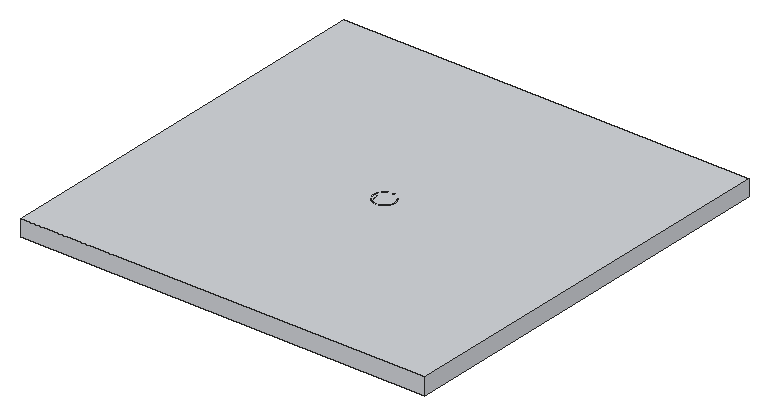
Revit family
Parameters (values of type "2"")
  WFU = 0
  URL = "WWW.MIFAB.COM"
  Strainer Diameter = 5.000"
  Strainer Adjustment [instance] = 1.560"
  Pipe Radius = Pipe Diameter / 2  # 1.000"
  Pipe Diameter = 2.000"
  Model = "F1100-C-VD"
  Manufacturer = "MIFAB"
  Floor Drain Material = Paint - Sherwin Williams Paint - #952C2A - Bellwood Red
  Domestic Cold Water Diameter = Chilled Water Radius * 2  # 0.500"
  Description = "FLOOR DRAIN WITH ROUND STRAINER AND SOLID HINGED COVER"
  Default Elevation = 0.000"
  Chilled Water Radius = 0.250"
  CWFU = 0
  Body Height = 3.750"
  Assembly Code = ""
Types (6): name | Pipe Radius | Pipe Diameter | Body Height
  (no name) | 1.000" | 2.000" | 3.750"
  2" | 1.000" | 2.000" | 3.750"
  3" | 1.500" | 3.000" | 3.750"
  4" | 2.000" | 4.000" | 3.750"
  5" | 2.500" | 5.000" | 3.750"
  6" | 3.000" | 6.000" | 4.750"
Reference planes (in)
  plane 1 "Center (Front/Back)": y = 0
  plane 2: z = 0
  plane 3 "Center (Left/Right)": x = 0
  plane 4: z = -1.56
  plane 5: z = 0
  plane 6: y = -2.5
  plane 7: y = 2.5
  plane 8: y = 4
  plane 9: y = -4
  plane 10: y = -1
  plane 11: y = 1
  plane 12: z = -1.56
  plane 13: z = -5.31
Forms (in)
  Extrusion 1, solid
    sketch origin (0, 0, 0) x (1, 0, 0) y (0, 1, 0)
      loop
        line (-48, 48) -> (-48, -48) -> (48, -48) -> (48, 48) -> (-48, 48)
    from 0 to -3.93488
  Revolve 2, solid, material "Paint - Sherwin Williams Paint - #952C2A - Bellwood Red" <- "Floor Drain Material"
    sketch origin (0, 0.04396, 0) x (0, 1, 0) y (0, 0, 1)
      loop
        line (-0.04396, -1.56) -> (-4.04396, -1.56) -> (-4.04396, -1.82052) -> (-3.65425, -1.82052) -> (-3.65425, -2.35614) -> (-3.07874, -2.35614) -> (-3.07874, -3.16531) -> (-1.04396, -3.93488) -> (-1.04396, -5.31) -> (-0.04396, -5.31) -> (-0.04396, -1.56)
      axis (-0.04396, -1.56) -> (-0.04396, -5.31)
    angle from 0 to 360
  Revolve 3, solid, material "Paint - Sherwin Williams Paint - #952C2A - Bellwood Red" <- "Floor Drain Material"
    sketch origin (3.0188, 3.29885, 0.27323) x (0, 1, 0) y (0, 0, 1)
      loop
        line (-3.29765, -1.60145) -> (-3.62527, -1.60145) -> (-3.62527, -1.78266) -> (-3.72878, -1.78266) -> (-3.72878, -1.83323) -> (-3.52524, -1.83323) -> (-3.52524, -2.42415) -> (-3.29765, -2.42415) -> (-3.29765, -1.60145)
      axis (-3.29765, -1.60145) -> (-3.29765, -2.42415)
    angle from 0 to 360
  Revolve 4, solid, material "Paint - Sherwin Williams Paint - #952C2A - Bellwood Red" <- "Floor Drain Material"
    sketch origin (1.34749, -4.26378, 0.27323) x (0.866025, -0.5, 0) y (0, 0, 1)
      loop
        line (-3.29765, -1.60145) -> (-3.62527, -1.60145) -> (-3.62527, -1.78266) -> (-3.72878, -1.78266) -> (-3.72878, -1.83323) -> (-3.52524, -1.83323) -> (-3.52524, -2.42415) -> (-3.29765, -2.42415) -> (-3.29765, -1.60145)
      axis (-3.29765, -1.60145) -> (-3.29765, -2.42415)
    angle from 0 to 360
  Revolve 5, solid, material "Paint - Sherwin Williams Paint - #952C2A - Bellwood Red" <- "Floor Drain Material"
    sketch origin (-4.36629, 0.96493, 0.27323) x (-0.866025, -0.5, 0) y (0, 0, 1)
      loop
        line (-3.29765, -1.60145) -> (-3.62527, -1.60145) -> (-3.62527, -1.78266) -> (-3.72878, -1.78266) -> (-3.72878, -1.83323) -> (-3.52524, -1.83323) -> (-3.52524, -2.42415) -> (-3.29765, -2.42415) -> (-3.29765, -1.60145)
      axis (-3.29765, -1.60145) -> (-3.29765, -2.42415)
    angle from 0 to 360
  Revolve 6, solid, material "Paint - Sherwin Williams Paint - #952C2A - Bellwood Red" <- "Floor Drain Material"
    sketch origin (0, 0, 0.3125) x (1, 0, 0) y (0, 0, 1)
      loop
        line (-4.4739, -2.86958) -> (-2.8927, -2.86958) -> (-2.8927, -2.52578) -> (-3.81457, -2.52578) -> (-3.90837, -2.61958) -> (-4.4739, -2.61958) -> (-4.4739, -2.86958)
      axis (-2.8927, -2.86958) -> (-4.4739, -2.86958)
    angle from 0 to 360
  Revolve 7, solid, material "Paint - Sherwin Williams Paint - #952C2A - Bellwood Red" <- "Floor Drain Material"
    sketch origin (0, 0, 0) x (0, 1, 0) y (0, 0, 1)
      loop
        line (-2.0141, -1.56) -> (-1.89543, -1.56) -> (-1.89543, -0.2071) -> (0, -0.2071) -> (0, 0) -> (-2.5, 0) -> (-2.5, -0.2071) -> (-2.37775, -0.2071) -> (-2.37775, -0.60817) -> (-2.12775, -0.60817) -> (-2.12775, -0.94141) -> (-2.0141, -0.94141) -> (-2.0141, -1.56)
      axis (0, 0) -> (0, -1.56)
    angle from 0 to 360
Lines and regions (in)
  symbolic lines
    curve 1: circle (0, 0, 0) r 4 normal (0, 0, 1)
    curve 2: line (-4.4739, 0.25, 0) -> (-3.99218, 0.25, 0)
    curve 3: line (-4.4739, 0.25, 0) -> (-4.4739, -0.25, 0)
    curve 4: line (-4.4739, -0.25, 0) -> (-3.99218, -0.25, 0)
Dimensions and locks (in)
  "Strainer Adjustment": plane 5 to plane 4
  equal spacing: plane 7, plane 1 "Center (Front/Back)", plane 6
  "Strainer Diameter": plane 7 to plane 6
  equal spacing: plane 8, plane 1 "Center (Front/Back)", plane 9
  locked: plane 8 to plane 9 at 8
  equal spacing: plane 11, plane 1 "Center (Front/Back)", plane 10
  "Pipe Diameter": plane 11 to plane 10
  Revolve 7 sketch curve to Revolve 7 sketch curve to Revolve 7 sketch curve to Extrusion 1 = 0.33323" locked, 0.40107" locked, 0.2071" locked
  "Strainer Adjustment": Extrusion 1 to plane 12
  "Body Height": plane 12 to plane 13
  Revolve 7 sketch curve to Revolve 7 sketch curve to Revolve 7 sketch curve to Revolve 7 sketch curve to plane 6 = 0.11867" locked, 0.11365" locked, 0.250" locked, 0.12225" locked
  aligned and locked: plane 2 to Extrusion 1
  aligned and locked: level to Extrusion 1
  aligned and locked: plane 4 to Revolve 2 sketch curve
  aligned and locked: Revolve 2 sketch curve to plane 9
  aligned and locked: Revolve 2 sketch curve to plane 10
  aligned and locked: Extrusion 1 to plane 5
  aligned and locked: plane 6 to Revolve 7 sketch curve
  aligned and locked: Revolve 7 to plane 12
  aligned and locked: Revolve 5 to plane 12
  aligned and locked: Revolve 3 to plane 12
  aligned and locked: Revolve 4 to plane 12
Automatic sketch dimensions
  Extrusion 1 sketch curve to Extrusion 1 sketch curve = 96.000"  (x2)
  Revolve 3 sketch curve to Revolve 3 sketch curve = 0.20354"
  Revolve 3 sketch curve to Revolve 3 sketch curve = 0.10003"
  Revolve 3 sketch curve to Revolve 3 sketch curve = 0.32762"
  Revolve 3 sketch curve to Revolve 3 sketch curve = 0.000"  (x2)
  Revolve 3 sketch curve to Revolve 3 sketch curve = 0.500"
  Revolve 3 sketch curve to Revolve 3 sketch curve = 0.59092"
  Revolve 3 sketch curve to Revolve 3 sketch curve = 0.05057"
  Revolve 3 sketch curve to Revolve 3 sketch curve = 0.18121"
  Revolve 4 sketch curve to Revolve 4 sketch curve = 0.20354"
  Revolve 4 sketch curve to Revolve 4 sketch curve = 0.10003"
  Revolve 4 sketch curve to Revolve 4 sketch curve = 0.32762"
  Revolve 4 sketch curve to Revolve 4 sketch curve = 0.000"  (x2)
  Revolve 4 sketch curve to Revolve 4 sketch curve = 0.500"
  Revolve 4 sketch curve to Revolve 4 sketch curve = 0.59092"
  Revolve 4 sketch curve to Revolve 4 sketch curve = 0.05057"
  Revolve 4 sketch curve to Revolve 4 sketch curve = 0.18121"
  Revolve 5 sketch curve to Revolve 5 sketch curve = 0.20354"
  Revolve 5 sketch curve to Revolve 5 sketch curve = 0.10003"
  Revolve 5 sketch curve to Revolve 5 sketch curve = 0.32762"
  Revolve 5 sketch curve to Revolve 5 sketch curve = 0.000"  (x2)
  Revolve 5 sketch curve to Revolve 5 sketch curve = 0.500"
  Revolve 5 sketch curve to Revolve 5 sketch curve = 0.59092"
  Revolve 5 sketch curve to Revolve 5 sketch curve = 0.05057"
  Revolve 5 sketch curve to Revolve 5 sketch curve = 0.18121"
  Revolve 6 sketch curve to plane 3 "Center (Left/Right)" = 4.4739"
  Revolve 6 sketch curve to Revolve 6 sketch curve = 0.56553"
  Revolve 6 sketch curve to Revolve 6 sketch curve = 0.09379"
  Revolve 6 sketch curve to Revolve 6 sketch curve = 0.22507"
  Revolve 6 sketch curve to Revolve 6 sketch curve = 0.7906"
  Revolve 6 sketch curve to Revolve 6 sketch curve = 0.000"  (x2)
  Revolve 6 sketch curve to Revolve 6 sketch curve = 0.250"
  Revolve 6 sketch curve to Revolve 6 sketch curve = 0.34379"
  Revolve 2 sketch curve to plane 1 "Center (Front/Back)" = 0.000"  (x2)
  Revolve 2 sketch curve to Revolve 2 sketch curve = 0.38971"
  plane 6 to Revolve 2 sketch curve = 0.53478"
  Revolve 2 sketch curve to plane 4 = 0.250"
  Revolve 2 sketch curve to plane 13 = 0.000"  (x2)
  Revolve 2 sketch curve to plane 4 = 2.37488"
  Revolve 2 sketch curve to Revolve 2 sketch curve = 0.76956"
  Revolve 2 sketch curve to plane 4 = 0.79614"
  Revolve 2 sketch curve to plane 4 = 0.26052"
  Revolve 7 sketch curve to plane 1 "Center (Front/Back)" = 0.000"  (x2)
  Revolve 7 sketch curve to plane 12 = 0.000"
  Revolve 7 sketch curve to level = 0.24552"
  Revolve 7 sketch curve to Revolve 7 sketch curve = 0.87308"
  Revolve 7 sketch curve to level = 0.000"
  Revolve 7 sketch curve to level = 0.2071"
  Revolve 3 sketch curve to plane 12 = 0.000"
  plane 1 "Center (Front/Back)" to Revolve 3 sketch curve = 0.42993"
  Revolve 4 sketch curve to plane 12 = 0.000"
  plane 12 to Revolve 5 sketch curve = 0.000"
  Revolve 6 sketch curve to plane 12 = 0.99708"
  plane 1 "Center (Front/Back)" to curve 4 = 0.250"
  curve 4 to plane 3 "Center (Left/Right)" = 3.99218"
  curve 2 to curve 4 = 0.000"
  curve 2 to curve 2 = 0.48172"
  plane 1 "Center (Front/Back)" to curve 1 = 0.000"
  curve 1 to plane 3 "Center (Left/Right)" = 0.000"
Connectors (in)
  piping at (-4.4739, 0, -2.55708), driven by "Chilled Water Radius", driven by "CWFU"
    settings: on Revolve 6, index 1, connector radius 1/4", flow factor 0, pipe flow 0 GPM, pressure drop 0.00 psi, fitting loss kfactor 0, connector angle 0.00°, fixture units 0, flow configuration 3, flow direction 1, fitting loss method 0, system type 20, connector reference index -1, connector utility 0, adjustable connector no, is connector primary yes, fitting loss table "", connector description "Domestic Cold Water In"
  piping at (0, 0, -5.31), driven by "Pipe Radius", driven by "WFU"
    settings: on Revolve 2, index 2, connector radius 1", flow factor 0, pipe flow 0 GPM, pressure drop 0.00 psi, fitting loss kfactor 0, connector angle 0.00°, fixture units 0, flow configuration 3, flow direction 2, fitting loss method 0, system type 16, connector reference index -1, connector utility 0, adjustable connector no, is connector primary no, fitting loss table "", connector description "Sanitary Out"
